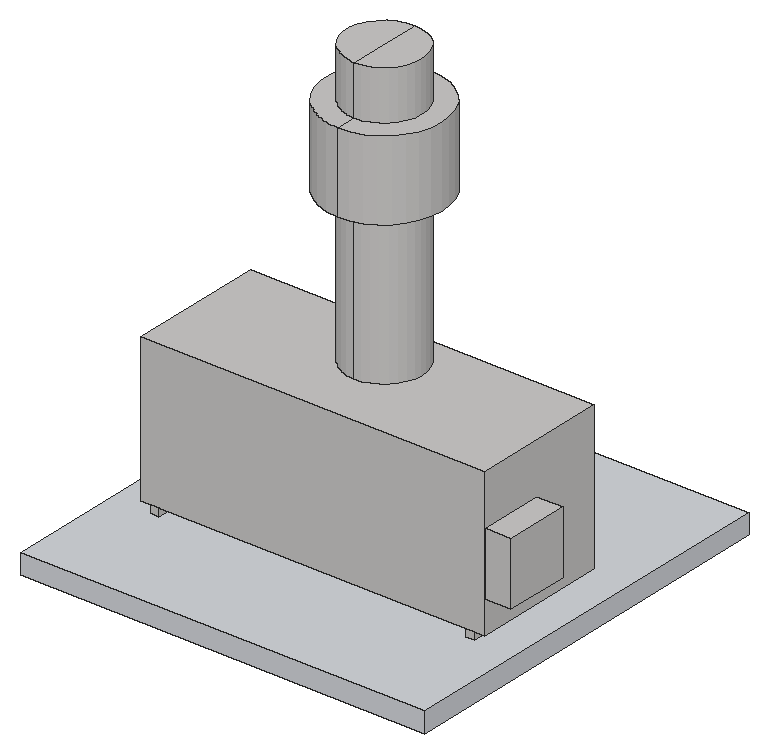
Revit family "DC_Rheem_PLM_Raypak_B1662HWT", category Plumbing Fixtures, host Face, Revit 2017
Family settings
  Host = Face
  Round Connector Dimension = Use Radius
  Part Type = Normal
  Cut with Voids When Loaded = No
  Shared = No
  Room Calculation Point = No
Parameters (values of type "Raypak - Gas Water Heater- Outdoor - 1657 MJ/h  Natural gas, modulating gas control")
  URL = "http://www.rheem.com.au/CommercialProducts"
  Type Comments = "Recovery 6364L/h @ 50°C rise\r\n"
  TopSmallDia_ANZRS = 455 mm
  TopH2_ANZRS = 480 mm
  TopH1_ANZRS = 300 mm
  TopBigDia_ANZRS = 700 mm
  Materials_ANZRS = Raypak - Grey Powder Coated Steel
  PRVadius_ANZRS = 15 mm
  PRVDist_ANZRS = 85 mm
  Model = "B1662NCM/HWT\r\n"
  Manufacturer = "Raypak\r\n"
  Length_ANZRS = 2070 mm
  HotWaterPipeDist_ANZRS = 155 mm
  HotWaterPipeRadius_ANZRS = 32.5 mm
  HotWaterPipeDiameter_ANZRS = HotWaterPipeRadius_ANZRS * 2  # 65 mm
  Height_ANZRS = 2640 mm
  GasPipeRadius_ANZRS = 25 mm
  GasPipeHeight_ANZRS = 410 mm
  GasPipeDist_ANZRS = 130 mm
  GasPipeDiameter_ANZRS = GasPipeRadius_ANZRS * 2  # 50 mm
  EleBoxWidth_ANZRS = 160 mm
  EleBoxHeightfromBase_ANZRS = 245 mm
  EleBoxHeight_ANZRS = 380 mm
  DesignBy_ANZRS = "Design Content ©"
  Description = "Raypak - Gas Water Heater- Outdoor - 1657 MJ/h  Natural gas, modulating gas control\r\n"
  Default Elevation = 0 mm  # constant formula
  ConnHeight_ANZRS = 755 mm
  ColdWaterPipeRadius_ANZRS = 32.5 mm
  ColdWaterPipeDisi_ANZRS = 280 mm
  ColdWaterPipeDiameter_ANZRS = ColdWaterPipeRadius_ANZRS * 2  # 65 mm
  BoxHeight_ANZRS = 930 mm
  BaseWidth_ANZRS = 50 mm
  BaseHeight_ANZRS = 45 mm
  BaseDist_ANZRS = 60 mm
  Author_ANZRS = "DM"
  Assembly Code = ""
Types (5, lengths in mm): name | URL | Type Comments | Model | GasPipeRadius_ANZRS | GasPipeDiameter_ANZRS | Description
  (no name) | "http://www.rheem.com.au/downloads/PDF/Raypak_Mechanical_Heating_Brochure_July_09.pdf\r\n" | "Recovery 6364L/h @ 50°C rise\r\n" | "B1662NCO/HWT\r\n\r\n" | 20 | 40 | "Raypak - Gas Water Heater- Outdoor - 1657 MJ/h  Natural gas, On/Off gas control\r\n"
  Raypak - Gas Water Heater- Outdoor - 1657 MJ/h  Natural gas, modulating gas control | "http://www.rheem.com.au/CommercialProducts" | "Recovery 6364L/h @ 50°C rise\r\n" | "B1662NCM/HWT\r\n" | 25 | 50 | "Raypak - Gas Water Heater- Outdoor - 1657 MJ/h  Natural gas, modulating gas control\r\n"
  Raypak - Gas Water Heater- Outdoor - 1657 MJ/h  Natural gas, On/Off gas control | "http://www.rheem.com.au/CommercialProducts" | "Recovery 6364L/h @ 50°C rise\r\n" | "B1662NCO/HWT\r\n\r\n" | 20 | 40 | "Raypak - Gas Water Heater- Outdoor - 1657 MJ/h  Natural gas, On/Off gas control\r\n"
  Raypak - Gas Water Heater- Outdoor - 1581 MJ/h  Propane gas, modulating gas control | "http://www.rheem.com.au/CommercialProducts" | "Recovery 6020L/h @ 50°C rise\r\n" | "B1662PCM/HWT\r\n" | 12.5 | 25 | "Raypak - Gas Water Heater- Outdoor - 1581 MJ/h  Propane gas, modulating gas control\r\n"
  Raypak - Gas Water Heater- Outdoor - 1581 MJ/h  Propane gas, On/Off gas control | "http://www.rheem.com.au/CommercialProducts" | "Recovery 6020L/h @ 50°C rise\r\n" | "B1662PCO/HWT\r\n" | 25 | 50 | "Raypak - Gas Water Heater- Outdoor - 1581 MJ/h  Propane gas, On/Off gas control\r\n"
Reference planes
  plane 1 "Center (Front/Back)": y = 0
  plane 2: z = 0
  plane 3 "Center (Left/Right)": x = 0
  plane 4: z = 45
  plane 5: x = -1035
  plane 6: x = 1035
  plane 7: x = 1195
  plane 8: z = 245
  plane 9: z = 930
  plane 10: x = -975
  plane 11: x = 975
  plane 12: x = -925
  plane 13: x = 925
  plane 14: y = 285
  plane 15: y = -540
  plane 16: z = 2640
  plane 17: z = 2340
  plane 18: z = 1860
  plane 19: y = 227.5
  plane 20: y = -227.5
  plane 21: y = 350
  plane 22: y = -350
  plane 23: z = 755
  plane 24: y = 200
  plane 25: y = 130
  plane 26: y = -150
  plane 27: y = -410
  plane 28: z = 410
  plane 29: z = 625
  plane 30: x = -227.5
  plane 31: x = 227.5
  plane 32: x = -350
  plane 33: x = 350
  plane 34: x = -1025
  plane 35: x = -1055
  plane 36: y = -152
Forms (mm)
  Extrusion 1, solid
    sketch origin (0, 0, 0) x (1, 0, 0) y (0, 1, 0)
      loop
        line (-1219.2, 1219.2) -> (-1219.2, -1219.2) -> (1219.2, -1219.2) -> (1219.2, 1219.2) -> (-1219.2, 1219.2)
    from 0 to -120
  Extrusion 2, solid, material "Raypak - Grey Powder Coated Steel" <- "Materials_ANZRS"
    sketch origin (0, 0, 0) x (1, 0, 0) y (0, 0, 1)
      loop
        line (-975, 45) -> (-975, 0) -> (-925, 0) -> (-925, 45) -> (-975, 45)
      loop
        line (925, 45) -> (925, 0) -> (975, 0) -> (975, 45) -> (925, 45)
    from -285 to 540
  Extrusion 3, solid, material "Raypak - Grey Powder Coated Steel" <- "Materials_ANZRS"
    sketch origin (0, 0, 0) x (1, 0, 0) y (0, 1, 0)
      loop
        line (-1035, 285) -> (-1035, -540) -> (1035, -540) -> (1035, 285) -> (-1035, 285)
    from 45 to 930
  Revolve 4, solid, material "Raypak - Grey Powder Coated Steel" <- "Materials_ANZRS"
    sketch origin (0, 0, 0) x (0, 1, 0) y (0, 0, 1)
      loop
        line (0, 2640) -> (-227.5, 2640) -> (-227.5, 2340) -> (-350, 2340) -> (-350, 1860) -> (-227.5, 1860) -> (-227.5, 930) -> (0, 930) -> (0, 2640)
      axis (0, 2640) -> (0, 930)
    angle from 0 to 360
  Extrusion 5, solid, material "Raypak - Grey Powder Coated Steel" <- "Materials_ANZRS"
    sketch origin (0, 0, 0) x (1, 0, 0) y (0, 0, 1)
      loop
        line (1035, 625) -> (1035, 245) -> (1195, 245) -> (1195, 625) -> (1035, 625)
    from 152 to 540
  Extrusion 6, void
    sketch origin (0, 0, 0) x (0, 1, 0) y (0, 0, 1)
      loop
        circle (200, 755) r 15
      loop
        circle (130, 755) r 32.5
      loop
        circle (-150, 755) r 32.5
    from -1035 to -1025
  Extrusion 7, solid, material "Raypak - Grey Powder Coated Steel" <- "Materials_ANZRS"
    sketch origin (0, 0, 0) x (0, 1, 0) y (0, 0, 1)
      loop
        circle (-410, 410) r 25
    from -1055 to -1035
Cuts and joins
  Extrusion 6 cuts Extrusion 3
  joined: Extrusion 3, Extrusion 7
Lines and regions (mm)
  Masking region 1
    outline origin (0, 0, 0) x (1, 0, 0) y (0, 1, 0)
      loop
        line (-1035, 285) -> (-1035, -395) -> (-1055, -395) -> (-1055, -425) -> (-1035, -425) -> (-1035, -540) -> (1195, -540) -> (1195, -152) -> (1035, -152) -> (1035, 285) -> (203.162, 285)
        arc (203.162, 285) -> (106.654, 333.354) -> (0, 350) r 350
        arc (0, 350) -> (-106.654, 333.354) -> (-203.162, 285) r 350
        line (-203.162, 285) -> (-1035, 285)
  Masking region 2
    outline origin (0, 0, 0) x (1, 0, 0) y (0, 0, 1)
      loop
        line (227.5, 2640) -> (-227.5, 2640) -> (-227.5, 2340) -> (-350, 2340) -> (-350, 1860) -> (-227.5, 1860) -> (-227.5, 930) -> (-1035, 930) -> (-1035, 425) -> (-1055, 425) -> (-1055, 395) -> (-1035, 395) -> (-1035, 45) -> (-975, 45) -> (-975, 0) -> (-925, 0) -> (-925, 45) -> (925, 45) -> (925, 0) -> (975, 0) -> (975, 45) -> (1035, 45) -> (1035, 245) -> (1195, 245) -> (1195, 625) -> (1035, 625) -> (1035, 930) -> (227.5, 930) -> (227.5, 1860) -> (350, 1860) -> (350, 2340) -> (227.5, 2340) -> (227.5, 2640)
  Masking region 3
    outline origin (0, 0, 0) x (0, 1, 0) y (0, 0, 1)
      loop
        line (227.5, 2640) -> (-227.5, 2640) -> (-227.5, 2340) -> (-350, 2340) -> (-350, 1860) -> (-227.5, 1860) -> (-227.5, 930) -> (-540, 930) -> (-540, 0) -> (285, 0) -> (285, 930) -> (227.5, 930) -> (227.5, 1860) -> (350, 1860) -> (350, 2340) -> (227.5, 2340) -> (227.5, 2640)
  symbolic lines, style "Rheem Raypak", detail levels fine
    curve 1: line (-350, 0, 2340) -> (-350, 0, 1860)
    curve 2: line (-350, 0, 1860) -> (350, 0, 1860)
    curve 3: line (-227.5, 0, 1860) -> (-227.5, 0, 930)
    curve 4: line (-227.5, 0, 2640) -> (-227.5, 0, 2340)
    curve 5: line (227.5, 0, 2640) -> (-227.5, 0, 2640)
    curve 6: line (227.5, 0, 2340) -> (227.5, 0, 2640)
    curve 7: line (350, 0, 2340) -> (-350, 0, 2340)
    curve 8: line (350, 0, 1860) -> (350, 0, 2340)
    curve 9: line (227.5, 0, 930) -> (227.5, 0, 1860)
    curve 10: line (1035, 0, 930) -> (-1035, 0, 930)
    curve 11: line (1035, 0, 45) -> (1035, 0, 930)
    curve 12: line (-1035, 0, 930) -> (-1035, 0, 45)
    curve 13: line (-1035, 0, 45) -> (1035, 0, 45)
    curve 14: line (-925, 0, 0) -> (-925, 0, 45)
    curve 15: line (-975, 0, 0) -> (-925, 0, 0)
    curve 16: line (-975, 0, 45) -> (-975, 0, 0)
    curve 17: line (975, 0, 0) -> (975, 0, 45)
    curve 18: line (925, 0, 45) -> (925, 0, 0)
    curve 19: line (925, 0, 0) -> (975, 0, 0)
    curve 20: line (1035, 0, 245) -> (1195, 0, 245)
    curve 21: line (1195, 0, 245) -> (1195, 0, 625)
    curve 22: line (1195, 0, 625) -> (1035, 0, 625)
    curve 23: line (-1055, 0, 395) -> (-1035, 0, 395)
    curve 24: line (-1055, 0, 425) -> (-1055, 0, 395)
    curve 25: line (-1035, 0, 425) -> (-1055, 0, 425)
    curve 26: line (0, -350, 2340) -> (0, 350, 2340)
    curve 27: line (0, -350, 1860) -> (0, 350, 1860)
    curve 28: line (0, 350, 1860) -> (0, 350, 2340)
    curve 29: line (0, -350, 2340) -> (0, -350, 1860)
    curve 30: line (0, -227.5, 2640) -> (0, -227.5, 2340)
    curve 31: line (0, 227.5, 2340) -> (0, 227.5, 2640)
    curve 32: line (0, -227.5, 2640) -> (0, 227.5, 2640)
    curve 33: line (0, -227.5, 1860) -> (0, -227.5, 930)
    curve 34: line (0, 227.5, 930) -> (0, 227.5, 1860)
    curve 35: line (0, 285, 930) -> (0, -540, 930)
    curve 36: line (0, -540, 930) -> (0, -540, 45)
    curve 37: line (0, 285, 45) -> (0, 285, 930)
    curve 38: line (0, -540, 45) -> (0, 285, 45)
    curve 39: line (0, 285, 0) -> (0, 285, 45)
    curve 40: line (0, -540, 45) -> (0, -540, 0)
    curve 41: line (0, -540, 0) -> (0, 285, 0)
    curve 42: arc (0, -182.5, 755) -> (0, -150, 722.5) -> (0, -117.5, 755) r 32.5
    curve 43: arc (0, -117.5, 755) -> (0, -150, 787.5) -> (0, -182.5, 755) r 32.5
    curve 44: arc (0, -385, 410) -> (0, -410, 385) -> (0, -435, 410) r 25
    curve 45: arc (0, -435, 410) -> (0, -410, 435) -> (0, -385, 410) r 25
    curve 46: arc (0, 97.5, 755) -> (0, 130, 722.5) -> (0, 162.5, 755) r 32.5
    curve 47: arc (0, 162.5, 755) -> (0, 130, 787.5) -> (0, 97.5, 755) r 32.5
    curve 48: arc (0, 185, 755) -> (0, 200, 740) -> (0, 215, 755) r 15
    curve 49: arc (0, 215, 755) -> (0, 200, 770) -> (0, 185, 755) r 15
    curve 50: arc (0, -350, 0) -> (-350, 0, 0) -> (0, 350, 0) r 350
    curve 51: arc (0, 350, 0) -> (350, 0, 0) -> (0, -350, 0) r 350
    curve 52: arc (0, 227.5, 0) -> (227.5, 0, 0) -> (0, -227.5, 0) r 227.5
    curve 53: arc (0, -227.5, 0) -> (-227.5, 0, 0) -> (0, 227.5, 0) r 227.5
    curve 54: line (1035, 285, 0) -> (205.662, 285, 0)
    curve 55: line (1035, -540, 0) -> (1035, 285, 0)
    curve 56: line (-1035, -540, 0) -> (1035, -540, 0)
    curve 57: line (-1035, 285, 0) -> (-1035, -540, 0)
    curve 58: line (1195, -152, 0) -> (1035, -152, 0)
    curve 59: line (1195, -540, 0) -> (1195, -152, 0)
    curve 60: line (1035, -540, 0) -> (1195, -540, 0)
    curve 61: line (-1055, -395, 0) -> (-1055, -425, 0)
    curve 62: line (-205.662, 285, 0) -> (-1035, 285, 0)
    curve 63: line (-1055, -395, 0) -> (-1035, -395, 0)
    curve 64: line (-1055, -425, 0) -> (-1035, -425, 0)
Dimensions and locks
  "BaseHeight_ANZRS": plane 4 to level
  equal spacing: plane 6, plane 3 "Center (Left/Right)", plane 5
  "Length_ANZRS": plane 5 to plane 6
  "EleBoxWidth_ANZRS": plane 6 to plane 7
  "EleBoxHeightfromBase_ANZRS": plane 8 to Extrusion 1
  "EleBoxHeight_ANZRS": plane 29 to plane 8
  "BaseDist_ANZRS": plane 10 to plane 5
  "BaseDist_ANZRS": plane 11 to plane 6
  "BaseWidth_ANZRS": plane 10 to plane 12
  "BaseWidth_ANZRS": plane 11 to plane 13
  plane 1 "Center (Front/Back)" to plane 15 = 540 mm
  plane 14 to plane 15 = 825 mm
  "Height_ANZRS": plane 16 to Extrusion 1
  "TopSmallDia_ANZRS": plane 19 to plane 20
  equal spacing: plane 19, plane 1 "Center (Front/Back)", plane 20
  equal spacing: plane 21, plane 1 "Center (Front/Back)", plane 22
  "TopBigDia_ANZRS": plane 21 to plane 22
  "ConnHeight_ANZRS": plane 23 to Extrusion 1
  "BoxHeight_ANZRS": plane 9 to Extrusion 1
  "PRVDist_ANZRS": plane 14 to plane 24
  "HotWaterPipeDist_ANZRS": plane 14 to plane 25
  "ColdWaterPipeDisi_ANZRS": plane 25 to plane 26
  "GasPipeDist_ANZRS": plane 27 to plane 15
  "GasPipeHeight_ANZRS": plane 28 to Extrusion 1
  "TopH1_ANZRS": plane 16 to plane 17
  "TopH2_ANZRS": plane 17 to plane 18
  equal spacing: plane 32, plane 3 "Center (Left/Right)", plane 33
  "TopSmallDia_ANZRS": plane 30 to plane 31
  equal spacing: plane 30, plane 3 "Center (Left/Right)", plane 31
  "TopBigDia_ANZRS": plane 32 to plane 33
  locked: plane 5 to plane 34 at 10
  locked: plane 35 to plane 5 at 20
  "ColdWaterPipeRadius_ANZRS": radius of Extrusion 6 sketch curve
  "HotWaterPipeRadius_ANZRS": radius of Extrusion 6 sketch curve
  "PRVadius_ANZRS": radius of Extrusion 6 sketch curve
  "GasPipeRadius_ANZRS": radius of Extrusion 7 sketch curve
  aligned and locked: plane 2 to Extrusion 1
  aligned and locked: level to Extrusion 1
  aligned and locked: Extrusion 2 sketch curve to plane 4  (x2)
  aligned and locked: Extrusion 2 sketch curve to plane 10
  aligned and locked: level to Extrusion 2 sketch curve  (x2)
  aligned and locked: plane 12 to Extrusion 2 sketch curve
  aligned and locked: plane 13 to Extrusion 2 sketch curve
  aligned and locked: plane 11 to Extrusion 2 sketch curve
  aligned and locked: plane 14 to Extrusion 3 sketch curve
  aligned and locked: plane 15 to Extrusion 3 sketch curve
  aligned and locked: plane 6 to Extrusion 3 sketch curve
  aligned and locked: plane 9 to Extrusion 3
  aligned and locked: Extrusion 3 to plane 4
  aligned and locked: Extrusion 2 to plane 15
  aligned and locked: Extrusion 2 to plane 14
  aligned and locked: plane 16 to Revolve 4 sketch curve
  aligned and locked: Revolve 4 sketch curve to plane 20
  aligned and locked: Revolve 4 sketch curve to plane 22
  aligned and locked: plane 9 to Revolve 4 sketch curve
  aligned and locked: Revolve 4 sketch curve to plane 1 "Center (Front/Back)"
  aligned and locked: Extrusion 5 sketch curve to plane 29
  aligned and locked: Extrusion 5 sketch curve to plane 6
  aligned and locked: plane 8 to Extrusion 5 sketch curve
  aligned and locked: plane 7 to Extrusion 5 sketch curve
  aligned: Extrusion 2 to Extrusion 5
  aligned and locked: Extrusion 5 to Extrusion 2
  aligned and locked: plane 24 to Extrusion 6 sketch curve
  aligned and locked: plane 23 to Extrusion 6 sketch curve  (x3)
  aligned and locked: plane 25 to Extrusion 6 sketch curve
  aligned and locked: plane 26 to Extrusion 6 sketch curve
  aligned and locked: Extrusion 3 to plane 5
  aligned and locked: Extrusion 6 to plane 5
  aligned and locked: Extrusion 6 to plane 34
  aligned and locked: plane 28 to Extrusion 7 sketch curve
  aligned and locked: plane 27 to Extrusion 7 sketch curve
  aligned and locked: plane 35 to Extrusion 7
  aligned: Extrusion 7 to plane 34
  aligned and locked: plane 5 to Extrusion 7
  aligned and locked: Masking region 1 sketch curve to cut or joined group of Extrusion 3, Extrusion 6, Extrusion 7  (x2)
  aligned and locked: Masking region 1 sketch curve to Extrusion 5  (x2)
  aligned and locked: cut or joined group of Extrusion 3, Extrusion 6, Extrusion 7 to Masking region 1 sketch curve
  aligned and locked: Masking region 1 sketch curve to Revolve 4  (x2)
  aligned and locked: Masking region 2 sketch curve to plane 31
  aligned and locked: Masking region 2 sketch curve to plane 30
  aligned and locked: Masking region 2 sketch curve to plane 16
  aligned and locked: Masking region 2 sketch curve to plane 17
  aligned and locked: Masking region 2 sketch curve to plane 18
  aligned and locked: plane 33 to Masking region 2 sketch curve
  aligned and locked: Masking region 2 sketch curve to plane 32
  aligned and locked: Masking region 2 sketch curve to plane 9
  aligned and locked: plane 6 to Masking region 2 sketch curve
  aligned and locked: Masking region 2 sketch curve to plane 29
  aligned and locked: Masking region 2 sketch curve to plane 8
  aligned and locked: plane 7 to Masking region 2 sketch curve
  aligned and locked: cut or joined group of Extrusion 3, Extrusion 6, Extrusion 7 to Masking region 2 sketch curve
  aligned and locked: Masking region 2 sketch curve to plane 5
  aligned and locked: Extrusion 1 to Masking region 2 sketch curve  (x2)
  aligned and locked: plane 16 to Masking region 3 sketch curve
  aligned and locked: plane 17 to Masking region 3 sketch curve
  aligned and locked: Masking region 3 sketch curve to plane 22
  aligned and locked: Masking region 3 sketch curve to plane 21
  aligned and locked: plane 19 to Masking region 3 sketch curve
  aligned and locked: Masking region 3 sketch curve to plane 20
  aligned and locked: plane 9 to Masking region 3 sketch curve
  aligned and locked: Masking region 3 sketch curve to plane 15
  aligned and locked: plane 14 to Masking region 3 sketch curve
  aligned and locked: Extrusion 1 to Masking region 3 sketch curve
  aligned and locked: plane 18 to Masking region 3 sketch curve
  aligned and locked: Masking region 2 sketch curve to plane 12
  aligned and locked: Masking region 2 sketch curve to plane 10
  aligned and locked: Masking region 2 sketch curve to plane 11
  aligned and locked: plane 13 to Masking region 2 sketch curve
  aligned and locked: Masking region 2 sketch curve to plane 4  (x3)
  aligned and locked: curve 1 to Masking region 2
  aligned and locked: curve 2 to Masking region 2
  aligned and locked: curve 3 to Masking region 2
  aligned and locked: curve 4 to Masking region 2
  aligned and locked: curve 5 to Masking region 2
  aligned and locked: curve 6 to Masking region 2
  aligned and locked: curve 7 to Masking region 2
  aligned and locked: curve 8 to Masking region 2
  aligned and locked: curve 9 to Masking region 2
  aligned and locked: curve 10 to cut or joined group of Extrusion 3, Extrusion 6, Extrusion 7
  aligned and locked: curve 11 to cut or joined group of Extrusion 3, Extrusion 6, Extrusion 7
  aligned and locked: curve 12 to cut or joined group of Extrusion 3, Extrusion 6, Extrusion 7
  aligned and locked: curve 13 to cut or joined group of Extrusion 3, Extrusion 6, Extrusion 7
  aligned and locked: curve 14 to Extrusion 2
  aligned and locked: curve 15 to Extrusion 2
  aligned and locked: curve 16 to Extrusion 2
  aligned and locked: curve 17 to Extrusion 2
  aligned and locked: curve 18 to Extrusion 2
  aligned and locked: curve 19 to Extrusion 2
  aligned and locked: curve 20 to Extrusion 5
  aligned and locked: curve 21 to Extrusion 5
  aligned and locked: curve 22 to Extrusion 5
  aligned and locked: curve 23 to Masking region 2
  aligned and locked: cut or joined group of Extrusion 3, Extrusion 6, Extrusion 7 to curve 24
  aligned and locked: curve 25 to Masking region 2
  aligned and locked: curve 26 to Revolve 4
  aligned and locked: curve 27 to Revolve 4
  aligned and locked: curve 28 to Masking region 3
  aligned and locked: curve 29 to Masking region 3
  aligned and locked: curve 30 to Masking region 3
  aligned and locked: curve 31 to Masking region 3
  aligned and locked: curve 32 to Revolve 4
  aligned and locked: curve 33 to Masking region 3
  aligned and locked: curve 34 to Masking region 3
  aligned and locked: curve 35 to cut or joined group of Extrusion 3, Extrusion 6, Extrusion 7
  aligned and locked: curve 36 to cut or joined group of Extrusion 3, Extrusion 6, Extrusion 7
  aligned and locked: curve 37 to cut or joined group of Extrusion 3, Extrusion 6, Extrusion 7
  aligned and locked: curve 38 to cut or joined group of Extrusion 3, Extrusion 6, Extrusion 7
  aligned and locked: curve 39 to Extrusion 2
  aligned and locked: curve 40 to Extrusion 2
  aligned and locked: curve 41 to Extrusion 2
  aligned and locked: curve 48 to cut or joined group of Extrusion 3, Extrusion 6, Extrusion 7
  aligned and locked: curve 49 to cut or joined group of Extrusion 3, Extrusion 6, Extrusion 7
  aligned and locked: curve 50 to Revolve 4
  aligned and locked: curve 51 to Revolve 4
  aligned and locked: curve 52 to Revolve 4
  aligned and locked: curve 53 to Revolve 4
  aligned and locked: curve 54 to cut or joined group of Extrusion 3, Extrusion 6, Extrusion 7
  aligned and locked: curve 55 to cut or joined group of Extrusion 3, Extrusion 6, Extrusion 7
  aligned and locked: curve 56 to cut or joined group of Extrusion 3, Extrusion 6, Extrusion 7
  aligned and locked: curve 57 to cut or joined group of Extrusion 3, Extrusion 6, Extrusion 7
  aligned and locked: curve 59 to Extrusion 5
  aligned and locked: curve 60 to Extrusion 5
  aligned and locked: cut or joined group of Extrusion 3, Extrusion 6, Extrusion 7 to curve 61
  aligned and locked: curve 47 to cut or joined group of Extrusion 3, Extrusion 6, Extrusion 7
  aligned and locked: curve 43 to cut or joined group of Extrusion 3, Extrusion 6, Extrusion 7
  aligned and locked: curve 45 to cut or joined group of Extrusion 3, Extrusion 6, Extrusion 7
  aligned and locked: plane 36 to Masking region 1 sketch curve
  aligned and locked: Extrusion 5 to Masking region 1
Automatic sketch dimensions
  Extrusion 1 sketch curve to Extrusion 1 sketch curve = 2438.4 mm  (x2)
  Revolve 4 sketch curve to plane 1 "Center (Front/Back)" = 0 mm
  Revolve 4 sketch curve to plane 16 = 51.193 mm
  Revolve 4 sketch curve to level = 2207.352 mm
  Revolve 4 sketch curve to plane 18 = 0 mm
  Revolve 4 sketch curve to plane 20 = 0 mm
  Revolve 4 sketch curve to plane 17 = 0 mm
  Extrusion 3 sketch curve to plane 5 = 0 mm
  plane 27 to Masking region 1 sketch curve = 15 mm
  Masking region 1 sketch curve to plane 27 = 15 mm
  Masking region 1 sketch curve to plane 5 = 0 mm
  plane 14 to Masking region 1 sketch curve = 0 mm
  plane 30 to Masking region 2 sketch curve = 0 mm
  Masking region 2 sketch curve to plane 18 = 0 mm
  Masking region 2 sketch curve to plane 31 = 0 mm
  Masking region 2 sketch curve to plane 9 = 0 mm
  Masking region 2 sketch curve to plane 17 = 0 mm
  Masking region 2 sketch curve to plane 28 = 15 mm
  Masking region 2 sketch curve to plane 5 = 0 mm
  plane 28 to Masking region 2 sketch curve = 15 mm
  Masking region 3 sketch curve to plane 19 = 0 mm
  Masking region 3 sketch curve to plane 17 = 0 mm
  Masking region 3 sketch curve to plane 20 = 0 mm
  Masking region 3 sketch curve to plane 18 = 0 mm
  Masking region 3 sketch curve to plane 9 = 0 mm
  plane 6 to Masking region 2 sketch curve = 0 mm
  curve 3 to plane 9 = 0 mm
  curve 4 to plane 16 = 0 mm
  curve 5 to plane 31 = 0 mm
  curve 7 to plane 33 = 0 mm
  curve 8 to plane 18 = 0 mm
  curve 10 to plane 5 = 0 mm
  plane 6 to curve 10 = 0 mm
  curve 11 to plane 4 = 0 mm
  curve 14 to level = 0 mm
  plane 12 to curve 14 = 0 mm
  plane 10 to curve 15 = 0 mm
  curve 17 to level = 0 mm
  plane 11 to curve 17 = 0 mm
  curve 18 to plane 13 = 0 mm
  plane 7 to curve 20 = 0 mm
  curve 20 to plane 8 = 0 mm
  curve 21 to plane 29 = 0 mm
  plane 35 to curve 23 = 0 mm
  curve 23 to plane 28 = 15 mm
  plane 28 to curve 24 = 15 mm
  curve 9 to plane 31 = 0 mm
  plane 30 to curve 3 = 0 mm
  plane 32 to curve 1 = 0 mm
  plane 30 to curve 4 = 0 mm
  curve 1 to plane 17 = 0 mm
  curve 27 to plane 18 = 0 mm
  curve 27 to plane 22 = 0 mm
  curve 26 to plane 17 = 0 mm
  curve 27 to plane 21 = 0 mm
  curve 30 to plane 20 = 0 mm
  curve 31 to plane 19 = 0 mm
  curve 31 to plane 16 = 0 mm
  curve 33 to plane 20 = 0 mm
  curve 33 to plane 9 = 0 mm
  curve 34 to plane 19 = 0 mm
  curve 35 to plane 15 = 0 mm
  curve 35 to plane 14 = 0 mm
  curve 37 to plane 4 = 0 mm
  curve 40 to level = 0 mm
  curve 48 to plane 23 = 0 mm
  curve 49 to plane 24 = 0 mm
  plane 24 to curve 48 = 15 mm
  Masking region 1 sketch curve to plane 6 = 0 mm
  curve 61 to plane 35 = 0 mm
  curve 62 to plane 5 = 0 mm
  plane 14 to curve 62 = 0 mm
  plane 14 to curve 54 = 0 mm
  curve 58 to plane 6 = 0 mm
  curve 60 to plane 7 = 0 mm
  curve 56 to plane 15 = 0 mm
  curve 58 to plane 36 = 0 mm
  plane 14 to curve 59 = 437 mm
  curve 62 to plane 30 = 21.838 mm
  curve 54 to plane 31 = 21.838 mm
  plane 27 to curve 64 = 15 mm
  curve 63 to plane 27 = 15 mm
Connectors
  piping at (-1035, 200, 755), diameter 30, driven by "PRVadius_ANZRS"
    settings: on cut or joined group of Extrusion 3, Extrusion 6, Extrusion 7, index 1, connector inside diameter 1.1811", connector length 0 mm, flow factor 0, pipe flow 0 GPM, pressure drop 0.00 psi, fitting loss kfactor 0, connector angle 0.00°, fixture units 0, engagement length 0 mm, angle of deflection 0.00°, flow configuration 1, flow direction 2, fitting loss method 0, system type 22, joint type 0, gender type 0, connector reference index -1, connector utility 0, adjustable connector no, is connector primary yes, connector description "PRV"
  piping at (-1035, 130, 755), diameter 65, driven by "HotWaterPipeRadius_ANZRS"
    settings: on cut or joined group of Extrusion 3, Extrusion 6, Extrusion 7, index 2, connector inside diameter 2.55906", connector length 0 mm, flow factor 0, pipe flow 0 GPM, pressure drop 0.00 psi, fitting loss kfactor 0, connector angle 0.00°, fixture units 0, engagement length 0 mm, angle of deflection 0.00°, flow configuration 1, flow direction 2, fitting loss method 0, system type 19, joint type 0, gender type 0, connector reference index -1, connector utility 0, adjustable connector no, is connector primary no, connector description ""
  piping at (-1035, -150, 755), diameter 65, driven by "ColdWaterPipeRadius_ANZRS"
    settings: on cut or joined group of Extrusion 3, Extrusion 6, Extrusion 7, index 3, connector inside diameter 2.55906", connector length 0 mm, flow factor 0, pipe flow 0 GPM, pressure drop 0.00 psi, fitting loss kfactor 0, connector angle 0.00°, fixture units 0, engagement length 0 mm, angle of deflection 0.00°, flow configuration 1, flow direction 1, fitting loss method 0, system type 20, joint type 0, gender type 0, connector reference index -1, connector utility 0, adjustable connector no, is connector primary no, connector description ""
  piping at (-1055, -410, 410), diameter 50, driven by "GasPipeRadius_ANZRS"
    settings: on cut or joined group of Extrusion 3, Extrusion 6, Extrusion 7, index 4, connector inside diameter 1.5748", connector length 0 mm, flow factor 0, pipe flow 0 GPM, pressure drop 0.00 psi, fitting loss kfactor 0, connector angle 0.00°, fixture units 0, engagement length 0 mm, angle of deflection 0.00°, flow configuration 1, flow direction 1, fitting loss method 0, system type 22, joint type 0, gender type 0, connector reference index -1, connector utility 0, adjustable connector no, is connector primary no, connector description "Gas"
